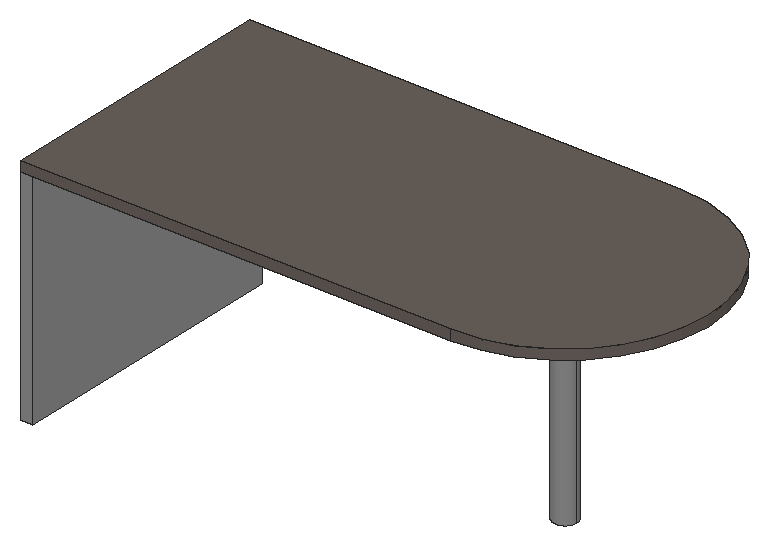
Revit family "Haworth_XSeries_ConvergentDTop", category Furniture Systems, Revit 2019
Family settings
  Round Connector Dimension = Use Diameter
  Part Type = Normal
  OmniClass Number = 23.40.70.14.64.21
  OmniClass Title = Systems Furniture
  Work Plane-Based = No
  Always vertical = Yes
  Cut with Voids When Loaded = No
  Shared = No
  Room Calculation Point = No
Parameters (values of type "36d 72w 29h")
  Worksurface Finish [instance] = Haworth _ Laminate _ Columbian Walnut H-KG
  Warranty = "https://cdn.shopify.com/s/files/1/0561/5304/7249/files/Haworth_North_America_Online_Warranty_2022.pdf?v=1660247284"
  URL - Product = "https://www.haworth.com/na/en/products/storage-based/x-series-desks.html"
  Support Position = Actual Depth / 2  # 18"
  Post Finish [instance] = Haworth _ Paint _ Graphite
  End Panel Finish [instance] = Haworth _ Paint _ Graphite
  End Panel = yes
  Sustainability Info = "https://www.haworth.com/na/en/expertise/research/sustainability.html"
  Standard Depths = "24, 30, 36 in."  # constant formula
  Model = "JDDL-xx72"  # constant formula
  Width = 72"
  URL = "http://www.haworth.com/"
  Size = "Verify Final Dim. w/ Haworth"  # constant formula
  Revision Number = "3"  # constant formula
  Min. Width = 48"  # constant formula
  Min. Depth = 24"  # constant formula
  Max. Width = 72"  # constant formula
  Max. Depth = 48"  # constant formula
  Manufacturer = "Haworth"  # constant formula
  Edge Finish [instance] = Haworth _ Laminate _ Columbian Walnut H-KG
  Description = "Haworth XSeries Convergent DTop"  # constant formula
  Depth = 36"
  Custom Size = not(or(Width = 60", Width = 72"))  # no
  Column Support = yes
  Author = "Haworth (Hampton)"  # constant formula
  Assembly Code = "E2020200"
  Actual Width = if(Width < Min. Width, Min. Width, if(Width > Max. Width, Max. Width, Width))  # 72"
  Actual Height = 29 1/8"  # constant formula
  Standard Widths = "48, 54, 60, 66, 72 in."  # constant formula
  Actual Depth = if(Depth < Min. Depth, Min. Depth, if(Depth > Max. Depth, Max. Depth, Depth))  # 36"
Types (3): name | Support Position | Depth | Actual Depth
  30d 72w 29h | 15" | 30" | 30"
  24d 72w 29h | 12" | 24" | 24"
  36d 72w 29h | 18" | 36" | 36"
Reference planes (in)
  plane 1 "Back": y = -10
  plane 2: z = 0
  plane 3 "Center": x = 29.0625
  plane 4 "Top": z = 29.125
  plane 5 "Bottom of Top": z = 27.875
  plane 6 "Front": y = -46
  plane 7 "Left Side": x = -6.9375
  plane 8 "Right Side": x = 65.0625
  plane 9 "One High Bottom": z = 0
  plane 10: y = -28
  plane 11: x = -5.40625
  plane 12: x = 47.0625
Forms (in)
  Extrusion 1, solid, material "Haworth _ Laminate _ Columbian Walnut H-KG" <- "Worksurface Finish"
    sketch origin (0, 0, 29.125) x (0, 1, 0) y (-1, 0, 0)
      loop
        line (-46, 6.9375) -> (-46, -47.0625)
        arc (-46, -47.0625) -> (-28, -65.0625) -> (-10, -47.0625) r 18
        line (-10, -47.0625) -> (-10, 6.9375) -> (-46, 6.9375)
    from 0 to -1.25
  Extrusion 2, solid, material "Haworth _ Paint _ Graphite" <- "End Panel Finish", visible <- "End Panel"
    sketch origin (-12.9375, 20.31207, 48) x (0, 1, 0) y (0, 0, -1)
      loop
        line (-30.31207, 20.125) -> (-30.31207, 48) -> (-66.31207, 48) -> (-66.31207, 20.125) -> (-30.31207, 20.125)
    from -7.53125 to -6
  Extrusion 3, solid, material "Haworth _ Paint _ Graphite" <- "Post Finish", visible <- "Column Support"
    sketch origin (0, 0, 0) x (1, 0, 0) y (0, 1, 0)
      loop
        circle (47.0625, -28) r 1.5
    from 0 to 27.875
Lines and regions (in)
  Masking region 1
    outline origin (0, 0, 27.875) x (0, 1, 0) y (-1, 0, 0)
      loop
        line (-10, -47.0625) -> (-10, 6.9375) -> (-46, 6.9375) -> (-46, -47.0625)
        arc (-46, -47.0625) -> (-28, -65.0625) -> (-10, -47.0625) r 18
  symbolic lines, style "Haworth Hidden", visible <- "End Panel", detail levels fine
    curve 1: line (-5.40625, -46, 0) -> (-5.40625, -10, 0)
    curve 2: line (-5.40625, -27.625, 0) -> (-5.40625, -28.375, 0)
Dimensions and locks (in)
  "Actual Height": plane 4 "Top" to level
  "Actual Depth": plane 1 "Back" to plane 6 "Front"
  equal spacing: plane 7 "Left Side", plane 3 "Center", plane 8 "Right Side"
  "Actual Width": plane 7 "Left Side" to plane 8 "Right Side"
  locked: plane 4 "Top" to plane 5 "Bottom of Top" at 1.25
  locked: plane 9 "One High Bottom" to level
  locked: plane 7 "Left Side" to plane 11 at 1.53125
  "Support Position": plane 10 to plane 6 "Front"
  "Support Position": plane 12 to plane 8 "Right Side"
  aligned and locked: level to plane 2
  aligned and locked: Extrusion 1 to plane 5 "Bottom of Top"
  aligned and locked: plane 1 "Back" to Extrusion 1 sketch curve
  aligned and locked: Extrusion 1 to Masking region 1 sketch curve
  aligned and locked: Masking region 1 sketch curve to Extrusion 1  (x2)
  aligned and locked: curve 1 to plane 11
  aligned and locked: Extrusion 2 to plane 7 "Left Side"
  aligned and locked: Extrusion 2 to plane 11
  aligned and locked: Extrusion 2 to plane 1 "Back"
  aligned and locked: Extrusion 2 to plane 6 "Front"
  aligned and locked: plane 5 "Bottom of Top" to Extrusion 3
  aligned and locked: Extrusion 3 to level
Automatic sketch dimensions
  Extrusion 2 sketch curve to plane 5 "Bottom of Top" = 0"
  Extrusion 2 sketch curve to plane 9 "One High Bottom" = 0"
  Extrusion 2 sketch curve to plane 6 "Front" = 0"
  Extrusion 2 sketch curve to plane 1 "Back" = 0"
  Masking region 1 sketch curve to plane 12 = 0"
  Extrusion 1 sketch curve to plane 6 "Front" = 0"
  Extrusion 1 sketch curve to plane 12 = 0"
  Extrusion 1 sketch curve to plane 7 "Left Side" = 0"
  curve 2 to plane 11 = 0"
  curve 1 to plane 6 "Front" = 0"
  plane 1 "Back" to curve 1 = 0"
  curve 2 to plane 10 = 3/8"
  plane 10 to curve 2 = 3/8"
  Extrusion 3 sketch curve to plane 10 = 0"
  Extrusion 3 sketch curve to plane 12 = 0"
  radius of Extrusion 3 sketch curve = 1 1/2"
